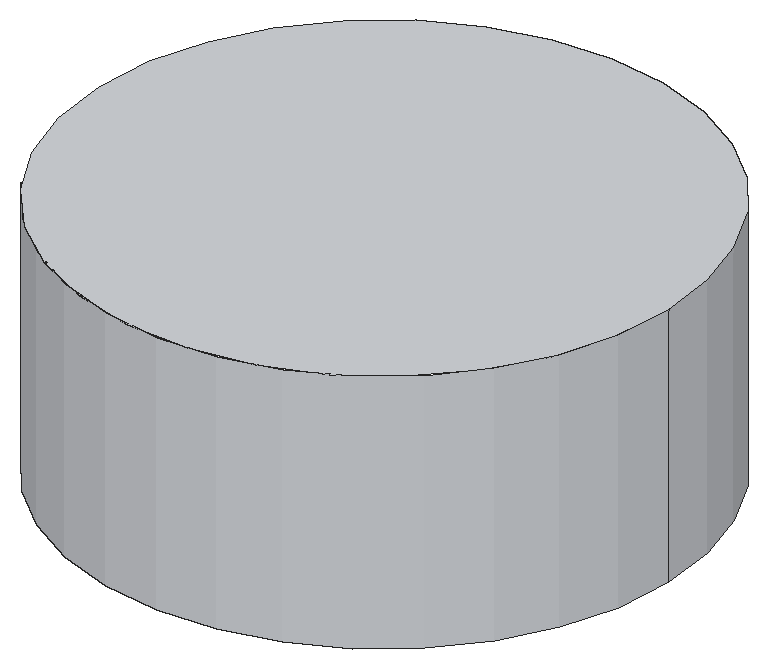
Revit family "1292_ TUPEX ELECTRIC_BRSB", category Lighting Fixtures, host Face, Revit 2016
Family settings
  Host = Face
  Part Type = Normal
  Round Connector Dimension = Use Diameter
  Cut with Voids When Loaded = No
  Light Source = Yes
  Shared = No
  Room Calculation Point = Yes
Parameters
  Wattage = 35 W
  built-in parameter 1150110 = 1 (stored number, unit not read)
  VOLTS = 220 V
  built-in parameter 1114217 = 1 (stored number, unit not read)
  Tilt Angle = 90.00°
  built-in parameter 1150109 = 1 (stored number, unit not read)
  built-in parameter 1150134 = 3
  built-in parameter 1150113 = 1 (stored number, unit not read)
  Photometric Web File = "1292.IES"
  built-in parameter 1150105 = 239.53 (stored number, unit not read)
  Lumens = 3010 lm
  built-in parameter 1150115 = 1 (stored number, unit not read)
  built-in parameter 1150137 = (empty or 0)
  built-in parameter 1150139 = (empty or 0)
  built-in parameter 1150112 = 1 (stored number, unit not read)
  built-in parameter 1150114 = 1 (stored number, unit not read)
  built-in parameter 1150132 = (empty or 0)
  built-in parameter 1150102 = (empty or 0)
  built-in parameter 1150107 = 3200 (stored number, unit not read)
  built-in parameter 1150138 = (empty or 0)
  built-in parameter 1150106 = 2.3953 (stored number, unit not read)
  built-in parameter 1150104 = 7.9897 (stored number, unit not read)
  Dimming Lamp Color Temperature Shift = (empty or 0)
  Default Elevation = 1219.2 mm
  Color Filter = 16777215
  built-in parameter 1114218 = 1 (stored number, unit not read)
  built-in parameter 1150133 = 10 (stored number, unit not read)
  Apparent Load = 30 VA
Reference planes
  plane 1 "Center (Front/Back)": y = 0
  plane 2: z = 0
  plane 3 "Center (Left/Right)": x = 0
Forms (mm)
  Extrusion 1, solid
    sketch origin (0, 0, 0) x (1, 0, 0) y (0, 1, 0)
      loop
        circle (0, 0) r 187.5
    from -216 to -54.983
Lines and regions (mm)
  reference lines
    curve 1: circle (0, 0, 0) r 480 normal (0, 0, 1)
    curve 2: line (-1160.227, 0, 0) -> (1659.773, 0, 0)
    curve 3: line (1659.773, 0, -108) -> (-1534.635, 0, -108)
    curve 4: line (305.365, 0, -108) -> (1125.365, 0, -108)
    curve 5: line (1659.773, 0, -216) -> (-1534.635, 0, -216)
Dimensions and locks
  aligned and locked: plane 2 to host face
  aligned and locked: level to host face
Connectors
  electrical at (0, 0, -54.983), driven by "VOLTS", driven by "Apparent Load"
    settings: on Extrusion 1, index 1, voltage 220 V, apparent load 0 VA, apparent load phase1 30 VA, apparent load phase2 0 VA, apparent load phase3 0 VA, power factor 1, load classification "Other", number of poles 1, system type 31, power factor state 1, is connector primary yes, connector utility no, sub classification motor no, connector description ""
